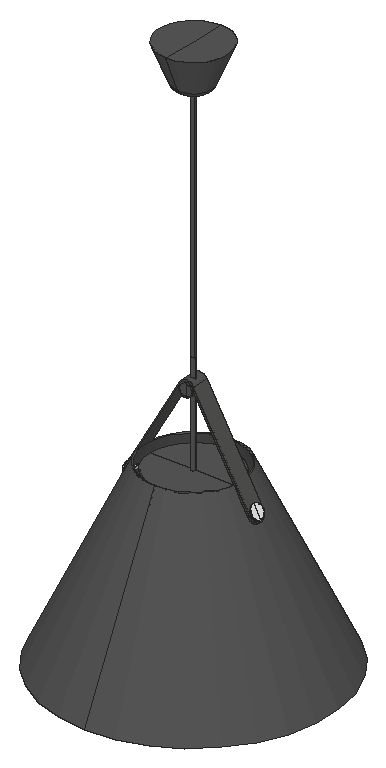
Revit family "Lighting_Pendants_Nordlux_Strap_48", category Lighting Fixtures, host Ceiling, Revit 2017
Family settings
  Host = Ceiling
  Round Connector Dimension = Use Diameter
  Part Type = Normal
  OmniClass Number = 23.80.70.11
  OmniClass Title = Luminaries for Internal Lighting
  Always vertical = Yes
  Cut with Voids When Loaded = No
  Light Source = Yes
  Shared = No
  Room Calculation Point = No
Parameters (values of type "Strap 48 - black with black straps")
  Wattage = 6.7321 W
  WarrantyStartDate [instance] = "n/a"
  WarrantyGuarantorParts = "n/a"
  WarrantyGuarantorLabor = "n/a"
  WarrantyDurationUnit = "Hours"
  WarrantyDurationParts = "n/a"
  WarrantyDurationLabor = "n/a"
  WarrantyDescription = "n/a"
  built-in parameter 1150110 = 1 (stored number, unit not read)
  VersionDate = "09/08/2019"  # constant formula
  Version = "1"  # constant formula
  UsageCurrent = 0 A
  Uniclass2015Reference = "Pr_70_70_48_62"
  Uniclass2015Description = "Pendant  luminaires"
  Uniclass2 = "Pr_70_70_49_86"
  URL = "https://www.nordlux.com/products/product/84353003"
  TotalWattage = 40 W
  built-in parameter 1114217 = 1 (stored number, unit not read)
  Tilt Angle = 90.00°
  built-in parameter 1150109 = 1 (stored number, unit not read)
  built-in parameter 1150134 = (empty or 0)
  TagNumber [instance] = "n/a"
  SustainabilityPerformance = "n/a"
  built-in parameter 1150113 = 1 (stored number, unit not read)
  Socket = "E27"
  Size = "Shade: 480x480x480 mm / Canopy: 120x120x73 mm"
  Shape = "Sculptured"
  SerialNumber [instance] = "n/a"
  Revision = "n/a"
  ReplacementCost = "n/a"
  ProductInformation = "n/a"
  Product data url = "https://www.bimobject.com/nordlux/product/strap_48_pendant"
  Photometric Web File = "8435 Strap 48 Pendel.ies"
  PhaseReference = "n/a"
  PhaseAngle = 0.00°
  NumberOfSources = 0
  NumberOfPoles = 1
  NominalWidth = NominalDiameter  # 480 mm
  NominalVoltageCalc = 0 V
  NominalVoltage = 230 V
  NominalRadius = NominalDiameter / 2  # 240 mm
  NominalLength = NominalDiameter  # 480 mm
  NominalHeight [instance] = CableLengthControl + 487 mm  # 987 mm
  NominalFrequencyRange = 50 Hz
  NominalDiameter = 480 mm
  NominalCurrent = 0 A
  Name = "Strap_48"  # constant formula
  NBSReference = "90-60-50/405"
  NBSDescription = "General purpose luminaires"
  ModelReference = ArticleNumber  # "84353003"
  ModelNumber = "n/a"
  Model = "Strap 48 - black with black straps"
  Material = "Metal, leather & textile"
  ManufacturersSpecificInformation = "n/a"
  ManufacturerURL = "https://www.nordlux.com/"
  ManufacturerName = "Nordlux"
  Manufacturer = "Nordlux"
  MaintenanceFactor = 0
  Lumens = 1000 lm
  built-in parameter 1150115 = 1 (stored number, unit not read)
  built-in parameter 1150105 = 360.88 (stored number, unit not read)
  LightSource = "Not included"
  LightFixtureTertiaryMaterial = Black leather
  LightFixtureSecondaryMaterial = Black cable
  LightFixtureQuaternaryMaterial = Chrome
  LightFixturePlacingType = "Ceilling"
  LightFixtureMountingType = "Suspended"
  LightFixtureMainMaterial = Black
  built-in parameter 1150137 = (empty or 0)
  built-in parameter 1150139 = (empty or 0)
  LensMaterial = Glass
  built-in parameter 1150112 = 1 (stored number, unit not read)
  built-in parameter 1150114 = 1 (stored number, unit not read)
  InsulationStandardClass = "Class 2 (Double isolated)"
  InstallationDate [instance] = "n/a"
  built-in parameter 1150132 = 2
  built-in parameter 1150102 = (empty or 0)
  built-in parameter 1150138 = (empty or 0)
  built-in parameter 1150107 = 3000 (stored number, unit not read)
  built-in parameter 1150106 = 3.6088 (stored number, unit not read)
  IfcExportType = "NOTDEFINED"  # constant formula
  IfcExportAs = "IfcLightFixtureType"  # constant formula
  IP_Code = "IP20"
  HasProtectiveEarth = no
  Grade = "n/a"
  Finish = "Primary material metal, secondary material leather, textile cable."
  Features = "Textile cable 300cm. Cable can not be replaced."
  ExpectedLife = "n/a"
  EnergyClass = "A++ -D"
  Emit from Circle Diameter = 60 mm
  Emit Shape Visible in Rendering = no
  ElectricalDeviceNominalPower = 0
  built-in parameter 1150104 = 13.8 (stored number, unit not read)
  EANNumber = "5701581338685"
  DurationUnit = "Hours"
  Dimming Lamp Color Temperature Shift = <None>
  Designer = "BJORN + BALLE"
  Description = "Metal and leather go well with the light Nordic style. The combination of these materials also allows the light to visually interact with a modern interior, where combining materials is one of the biggest current trends. With STRAP it seems obvious – just as obvious as how a Nordic light design is named after a leather strap. The narrow and elegant leather gives STRAP both a warm and raw look, which balances between the classic and the industrial. It comes with two leather straps in brown and black respectively, so it's up to you to give the STRAP the final look."
  DefaultElevation = 0 mm
  ConvergoRefNr = "0143-1909-0015-DK"  # constant formula
  Constituents = "n/a"
  Color Filter = 16777215
  Color = "Black"
  Collection = "Strap"
  CodePerformance = "n/a"
  Category = "Indoor lighting"
  CableLengthControl [instance] = if(CableLength < 250 mm, 250 mm, if(CableLength > 3000 mm, 3000 mm, CableLength))  # 500 mm
  CableLength [instance] = 500 mm
  Brand = "Nordlux"
  Barcode [instance] = "n/a"
  built-in parameter 1114218 = 1 (stored number, unit not read)
  BIMObjectName = "Lighting_Pendants_Nordlux_Strap_48"  # constant formula
  Author = "Convergo AB"  # constant formula
  built-in parameter 1150133 = 10 (stored number, unit not read)
  AssetType = "Fixed"
  AssetIdentifier [instance] = "n/a"
  ArticleNumber = "84353003"
  AccessibilityPerformance = "n/a"
Types (8, lengths in mm): name | URL | ModelReference | Model | LightFixtureTertiaryMaterial | LightFixtureSecondaryMaterial | LightFixtureMainMaterial | EANNumber | Color | ArticleNumber
  Strap 48 - black with black straps | "https://www.nordlux.com/products/product/84353003" | "84353003" | "Strap 48 - black with black straps" | Black leather | Black cable | Black | "5701581338685" | "Black" | "84353003"
  Strap 48 - white with black straps | "https://www.nordlux.com/products/product/84353001" | "84353001" | "Strap 48 - white with black straps" | Black leather | White cable | White | "5701581338586" | "White" | "84353001"
  Strap 48 - brushed steel with black straps | "https://www.nordlux.com/products/product/84353032" | "84353032" | "Strap 48 - brushed steel with black straps" | Black leather | Black cable | Brushed steel | "5701581338883" | "Brushed steel" | "84353032"
  Strap 48 - brass with black straps | "https://www.nordlux.com/products/product/84353025" | "84353025" | "Strap 48 - brass with black straps" | Black leather | Black cable | Brass | "5701581358683" | "Brass" | "84353025"
  Strap 48 - black with brown straps | "https://www.nordlux.com/products/product/84353003" | "84353003" | "Strap 48 - black with brown straps" | Brown leather | Black cable | Black | "5701581338685" | "Black" | "84353003"
  Strap 48 - brass with brown straps | "https://www.nordlux.com/products/product/84353025" | "84353025" | "Strap 48 - brass with brown straps" | Brown leather | Black cable | Brass | "5701581358683" | "Brass" | "84353025"
  Strap 48 - brushed steel with brown straps | "https://www.nordlux.com/products/product/84353032" | "84353032" | "Strap 48 - brushed steel with brown straps" | Brown leather | Black cable | Brushed steel | "5701581338883" | "Brushed steel" | "84353032"
  Strap 48 - white with brown straps | "https://www.nordlux.com/products/product/84353001" | "84353001" | "Strap 48 - white with brown straps" | Brown leather | White cable | White | "5701581338586" | "White" | "84353001"
Reference planes
  plane 1 "Light Source Axis (F/B)": y = 0
  plane 2: z = 0
  plane 3 "Light Source Axis (L/R)": x = 0
  plane 4 "Ceiling": z = 4000
  plane 5 "Light Source Elevation": z = 3227.483
  plane 6: x = -240
  plane 7: y = 240
  plane 8: x = 240
  plane 9: y = -240
  plane 10: z = 3500
  plane 11: z = 3013
Forms (mm)
  Extrusion 1, solid, material "Black" <- "LightFixtureMainMaterial", detail levels coarse
    sketch origin (0, 6000, 3013) x (0, 1, 0) y (1, 0, 0)
      loop
        line (-5760, -240) -> (-5760, 240) -> (-6240, 240) -> (-6240, -240) -> (-5760, -240)
    from 0 to -987
Lines and regions (mm)
  symbolic lines
    curve 1: line (3, 0, 4000) -> (-3, 0, 4000)
  symbolic lines, detail levels medium+fine
    curve 2: line (3, 0, 3927) -> (3, 0, 3500)
    curve 3: line (-3, 0, 3927) -> (-3, 0, 3500)
    curve 4: line (0, 3, 3927) -> (0, 3, 3500)
    curve 5: line (0, -3, 3927) -> (0, -3, 3500)
Dimensions and locks
  equal spacing: host sketch curve, plane 3 "Light Source Axis (L/R)", host sketch curve
  equal spacing: host sketch curve, plane 1 "Light Source Axis (F/B)", host sketch curve
  host sketch curve to host sketch curve = 4000 mm  (x2)
  locked: plane 4 "Ceiling" to host ceiling at 0
  equal spacing: plane 9, plane 1 "Light Source Axis (F/B)", plane 7
  "NominalDiameter": plane 7 to plane 9
  equal spacing: plane 6, plane 3 "Light Source Axis (L/R)", plane 8
  "NominalDiameter": plane 6 to plane 8
  "CableLengthControl": plane 10 to plane 4 "Ceiling"
  locked: plane 11 to plane 5 "Light Source Elevation" at 214.483
  "NominalHeight": plane 11 to plane 4 "Ceiling"
  aligned and locked: plane 3 "Light Source Axis (L/R)" to imposter light
  aligned and locked: plane 1 "Light Source Axis (F/B)" to imposter light
  aligned and locked: plane 5 "Light Source Elevation" to imposter light
  aligned and locked: plane 4 "Ceiling" to curve 1  (x2)
  aligned and locked: Extrusion 1 sketch curve to plane 7
  aligned and locked: Extrusion 1 sketch curve to plane 6
  aligned and locked: Extrusion 1 sketch curve to plane 9
  aligned and locked: Extrusion 1 sketch curve to plane 8
  aligned and locked: Extrusion 1 to plane 4 "Ceiling"
  aligned and locked: curve 2 to nested 2
  aligned and locked: curve 3 to nested 2
  aligned and locked: plane 10 to curve 2
  aligned and locked: plane 10 to curve 3
  aligned and locked: curve 4 to nested 2
  aligned and locked: curve 5 to nested 2
  aligned and locked: plane 10 to curve 5
  aligned and locked: plane 10 to curve 4
  aligned and locked: nested 2 to plane 4 "Ceiling"
  aligned and locked: plane 3 "Light Source Axis (L/R)" to nested 1
  aligned and locked: nested 1 to plane 11
Automatic sketch dimensions
  curve 1 to plane 3 "Light Source Axis (L/R)" = 3 mm
  curve 3 to plane 3 "Light Source Axis (L/R)" = 3 mm
  plane 3 "Light Source Axis (L/R)" to curve 2 = 3 mm
  plane 3 "Light Source Axis (L/R)" to curve 1 = 3 mm
  plane 1 "Light Source Axis (F/B)" to curve 5 = 3 mm
  curve 4 to plane 1 "Light Source Axis (F/B)" = 3 mm
Nested families
  nested 1: "Strap_48" at (0, 0, 3013.001), Metal <- "LightFixtureMainMaterial", Glass <- "LensMaterial", Nuts <- "LightFixtureQuaternaryMaterial", Strap <- "LightFixtureTertiaryMaterial", type "Strap_48"
    with Strap Black leather, Nuts Chrome, Metal Black, Glass Glass
  nested 2: "CeillingCap" at (0, 0, 4000) x (1, 0, 0) z (0, 0, -1), Cable <- "LightFixtureSecondaryMaterial", Metal <- "LightFixtureMainMaterial", CableLength <- "CableLengthControl", type "CeillingCap"
    with Metal Black, CableLength 500 mm, Cable Black cable
Connectors
  electrical at (0, 0, 4000), driven by "NumberOfPoles", driven by "NominalVoltage"
    settings: on nested 2, index 1, voltage 230 V, apparent load 0 VA, apparent load phase1 0 VA, apparent load phase2 0 VA, apparent load phase3 0 VA, power factor 1, load classification "Other", number of poles 1, system type 31, power factor state 1, is connector primary yes, connector utility no, sub classification motor no, connector description ""
Definition of nested family "Strap_48"
  Parameters (values of type "Strap_48")
    Strap [instance] = none
    Nuts [instance] = none
    Metal [instance] = none
    Glass [instance] = none
  Reference planes
    plane 1 "Center (Front/Back)": y = 0
    plane 2: z = 0
    plane 3 "Center (Left/Right)": x = 0
    plane 4: z = 364.451
    plane 5: z = 487.033
    plane 6: z = 214.482
  Forms (mm)
    Revolve 1, solid, material <- "Metal", detail levels medium+fine
      sketch origin (0, 0, 0) x (0, 1, 0) y (0, 0, 1)
        loop
          arc (239.729, 0.761) -> (167.407, 162.65) -> (85.704, 320.014) r 3018.174
          line (85.704, 320.014) -> (83.957, 319.04)
          arc (83.957, 319.04) -> (165.606, 161.781) -> (237.879, -0.001) r 3016.174
          line (237.879, -0.001) -> (239.729, 0.761)
        axis (0, 320.014) -> (0, -0.001)
      angle from 0 to 360
    Revolve 2, solid, material <- "Glass", detail levels medium+fine
      sketch origin (0, 0, 183.69) x (0, 1, 0) y (0, 0, 1)
        loop
          line (0, 30.793) -> (25, 30.793) -> (25, 32.793) -> (22.5, 32.793) -> (22.5, 39.96)
          arc (22.5, 39.96) -> (19.463, 53.223) -> (10.957, 63.843) r 30.481
          line (10.957, 63.843) -> (10.957, 72.746) -> (0, 72.746) -> (0, 30.793)
        axis (0, 72.746) -> (0, 30.793)
      angle from 0 to 360
    Revolve 3, solid, material <- "Metal", detail levels medium+fine
      sketch origin (0, 0, 0) x (1, 0, 0) y (0, 0, 1)
        loop
          line (-20.402, 280.37) -> (-19.086, 237.517) -> (-10.957, 237.517) -> (-10.957, 244.868) -> (0, 244.868) -> (0, 487.033) -> (-4, 487.033) -> (-4, 309.033) -> (-75.083, 309.033) -> (-75.083, 306.069) -> (-12.069, 306.069) -> (-12.069, 296.069) -> (-10.953, 296.069) -> (-10.953, 292.699) -> (-19.083, 290.264) -> (-19.083, 287.796) -> (-16.998, 287.796) -> (-16.998, 280.37) -> (-20.402, 280.37)
        axis (0, 237.517) -> (0, 487.033)
      angle from 0 to 360
    Extrusion 4, solid, material <- "Strap", detail levels medium+fine
      sketch origin (0, 0, 0) x (1, 0, 0) y (0, 0, 1)
        loop
          arc (-10.183, 448.056) -> (0, 453.707) -> (10.183, 448.056) r 12
          arc (10.183, 448.056) -> (64.683, 357.129) -> (115.956, 264.343) r 3018.174
          line (115.956, 264.343) -> (118.607, 265.748)
          arc (118.607, 265.748) -> (67.283, 358.626) -> (12.729, 449.644) r 3021.174
          arc (12.729, 449.644) -> (0, 456.707) -> (-12.729, 449.644) r 15
          arc (-12.729, 449.644) -> (-67.283, 358.626) -> (-118.607, 265.748) r 3021.174
          line (-118.607, 265.748) -> (-115.956, 264.343)
          arc (-115.956, 264.343) -> (-64.683, 357.129) -> (-10.183, 448.056) r 3018.174
      from -15 to 15
    Sweep 5, void
      path in 3D
        loop
          line (-119.491, -15, 266.216) -> (-115.073, -15, 263.875)
      profile origin (-117.282, -15, 265.046) x (0.468219, 0, 0.883612) y (0, -1, 0)
        loop
          line (-1, 0) -> (-1, -30) -> (15, -30)
          arc (15, -30) -> (0, -15) -> (15, 0) r 15
          line (15, 0) -> (-1, 0)
    Revolve 6, solid, material <- "Nuts", detail levels medium+fine
      sketch origin (0, 0, 0) x (1, 0, 0) y (0, 0, 1)
        loop
          line (-113.347, 280.954) -> (-102.456, 275.005) -> (-98.849, 281.609)
          arc (-98.849, 281.609) -> (-98.808, 281.99) -> (-99.048, 282.288) r 0.5
          line (-99.048, 282.288) -> (-101.145, 283.433) -> (-100.199, 285.166) -> (-101.016, 285.613)
          arc (-101.016, 285.613) -> (-103.484, 282.431) -> (-105.532, 278.964) r 31.869
          line (-105.532, 278.964) -> (-110.121, 281.47) -> (-104.86, 291.103) -> (-106.689, 292.101)
          arc (-106.689, 292.101) -> (-107.069, 292.142) -> (-107.367, 291.902) r 0.5
          line (-107.367, 291.902) -> (-113.347, 280.954)
        axis (-113.347, 280.954) -> (-102.456, 275.005)
      angle from 0 to 360
    Revolve 7, solid, material <- "Metal", detail levels medium+fine
      sketch origin (0, 0, 0) x (0, 1, 0) y (0, 0, 1)
        loop
          line (17, 442.033) -> (17, 453.207)
          arc (17, 453.207) -> (16.854, 453.561) -> (16.5, 453.707) r 0.5
          line (16.5, 453.707) -> (-16.5, 453.707)
          arc (-16.5, 453.707) -> (-16.854, 453.561) -> (-17, 453.207) r 0.5
          line (-17, 453.207) -> (-17, 442.033) -> (17, 442.033)
        axis (-17, 442.033) -> (17, 442.033)
      angle from 0 to 360
    Sweep 8, void
      path in 3D
        loop
          line (119.491, 15, 266.216) -> (115.073, 15, 263.875)
      profile origin (117.282, 15, 265.046) x (-0.468219, 0, 0.883612) y (0, 1, 0)
        loop
          line (-1, 0) -> (-1, -30) -> (15, -30)
          arc (15, -30) -> (0, -15) -> (15, 0) r 15
          line (15, 0) -> (-1, 0)
    Revolve 9, solid, material <- "Nuts", detail levels medium+fine
      sketch origin (0, 0, 0) x (-1, 0, 0) y (0, 0, 1)
        loop
          line (-113.347, 280.954) -> (-102.456, 275.005) -> (-98.849, 281.609)
          arc (-98.849, 281.609) -> (-98.808, 281.99) -> (-99.048, 282.288) r 0.5
          line (-99.048, 282.288) -> (-101.145, 283.433) -> (-100.199, 285.166) -> (-101.016, 285.613)
          arc (-101.016, 285.613) -> (-103.484, 282.431) -> (-105.532, 278.964) r 31.869
          line (-105.532, 278.964) -> (-110.121, 281.47) -> (-104.86, 291.103) -> (-106.689, 292.101)
          arc (-106.689, 292.101) -> (-107.069, 292.142) -> (-107.367, 291.902) r 0.5
          line (-107.367, 291.902) -> (-113.347, 280.954)
        axis (-113.347, 280.954) -> (-102.456, 275.005)
      angle from 0 to 360
  Cuts and joins
    Sweep 5, Sweep 8 cuts Extrusion 4
    joined: Revolve 1, Revolve 3, Revolve 7
    joined: Revolve 6, Revolve 9
  Lines and regions (mm)
    symbolic lines, detail levels medium+fine
      curve 1: line (0, 15, 320.014) -> (0, 85.704, 320.014)
      curve 3: line (0, 15, 430.371) -> (0, 16.5, 430.371)
      curve 4: line (0, 15, 453.741) -> (0, 16.5, 453.741)
      curve 5: line (0, 17, 453.241) -> (0, 17, 430.871)
      curve 6: arc (0, 16.5, 453.741) -> (0, 16.854, 453.594) -> (0, 17, 453.241) r 0.5
      curve 7: arc (0, 17, 430.871) -> (0, 16.854, 430.517) -> (0, 16.5, 430.371) r 0.5
      curve 8: line (0, 15, 453.741) -> (0, 15, 456.741)
      curve 10: line (0, 15, 456.741) -> (0, 4, 456.741)
      curve 11: line (0, 4, 487.033) -> (0, 4, 456.741)
      curve 12: line (0, 4, 487.033) -> (0, 3, 487.033)
      curve 15: line (0, 15, 320.014) -> (0, 15, 430.371)
      curve 18: line (-237.879, 0, -0.001) -> (0, 0, -0.001)
      curve 20: line (-239.729, 0, 0.761) -> (-237.879, 0, -0.001)
      curve 22: line (-117.252, 0, 268.302) -> (-119.135, 0, 269.33)
      curve 23: line (-106.692, 0, 292.113) -> (-104.977, 0, 291.176)
      curve 24: line (-107.37, 0, 291.914) -> (-119.334, 0, 270.009)
      curve 25: arc (-119.334, 0, 270.009) -> (-119.375, 0, 269.628) -> (-119.135, 0, 269.33) r 0.5
      curve 26: arc (-107.37, 0, 291.914) -> (-107.072, 0, 292.154) -> (-106.692, 0, 292.113) r 0.5
      curve 27: arc (-12.729, 0, 449.644) -> (-60.055, 0, 371.11) -> (-104.977, 0, 291.176) r 3021.174
      curve 29: line (-118.607, 0, 265.748) -> (-115.956, 0, 264.343)
      curve 30: arc (-115.956, 0, 264.343) -> (-181.023, 0, 134.046) -> (-239.729, 0, 0.761) r 3018.174
      curve 36: line (-4, 0, 487.033) -> (-3, 0, 487.033)
      curve 38: line (-4, 0, 487.033) -> (-4, 0, 456.164)
      curve 40: arc (-117.252, 0, 268.302) -> (-117.93, 0, 267.025) -> (-118.607, 0, 265.748) r 3021.174
      curve 41: arc (-4, 0, 456.164) -> (-8.977, 0, 453.724) -> (-12.729, 0, 449.644) r 15
      curve 42: line (237.879, 0, -0.001) -> (0, 0, -0.001)
      curve 44: line (239.729, 0, 0.761) -> (237.879, 0, -0.001)
      curve 46: line (117.252, 0, 268.302) -> (119.135, 0, 269.33)
      curve 47: line (106.692, 0, 292.113) -> (104.977, 0, 291.176)
      curve 48: line (107.37, 0, 291.914) -> (119.334, 0, 270.009)
      curve 49: arc (119.334, 0, 270.009) -> (119.375, 0, 269.628) -> (119.135, 0, 269.33) r 0.5
      curve 50: arc (107.37, 0, 291.914) -> (107.072, 0, 292.154) -> (106.692, 0, 292.113) r 0.5
      curve 51: arc (12.729, 0, 449.644) -> (60.055, 0, 371.11) -> (104.977, 0, 291.176) r 3021.174
      curve 53: line (118.607, 0, 265.748) -> (115.956, 0, 264.343)
      curve 54: arc (115.956, 0, 264.343) -> (181.023, 0, 134.046) -> (239.729, 0, 0.761) r 3018.174
      curve 59: line (4, 0, 487.033) -> (3, 0, 487.033)
      curve 61: line (4, 0, 487.033) -> (4, 0, 456.164)
      curve 63: arc (117.252, 0, 268.302) -> (117.93, 0, 267.025) -> (118.607, 0, 265.748) r 3021.174
      curve 64: arc (4, 0, 456.164) -> (8.977, 0, 453.724) -> (12.729, 0, 449.644) r 15
      curve 70: arc (0, 239.729, 0.761) -> (0, 167.407, 162.65) -> (0, 85.704, 320.014) r 3018.174
      curve 71: line (0, 237.879, -0.001) -> (0, 239.729, 0.761)
      curve 72: line (0, 0, -0.001) -> (0, 237.879, -0.001)
      curve 73: line (0, -15, 320.014) -> (0, -85.704, 320.014)
      curve 75: line (0, -15, 430.371) -> (0, -16.5, 430.371)
      curve 76: line (0, -15, 453.741) -> (0, -16.5, 453.741)
      curve 77: line (0, -17, 453.241) -> (0, -17, 430.871)
      curve 78: arc (0, -16.5, 453.741) -> (0, -16.854, 453.594) -> (0, -17, 453.241) r 0.5
      curve 79: arc (0, -17, 430.871) -> (0, -16.854, 430.517) -> (0, -16.5, 430.371) r 0.5
      curve 80: line (0, -15, 453.741) -> (0, -15, 456.741)
      curve 82: line (0, -15, 456.741) -> (0, -4, 456.741)
      curve 83: line (0, -4, 487.033) -> (0, -4, 456.741)
      curve 84: line (0, -4, 487.033) -> (0, -3, 487.033)
      curve 87: line (0, -15, 320.014) -> (0, -15, 430.371)
      curve 93: arc (0, -239.729, 0.761) -> (0, -167.407, 162.65) -> (0, -85.704, 320.014) r 3018.174
      curve 94: line (0, -237.879, -0.001) -> (0, -239.729, 0.761)
      curve 95: line (0, 0, -0.001) -> (0, -237.879, -0.001)
      curve 96: circle (0, 0, 0) r 239.729 normal (0, 0, 1)
    symbolic lines, detail levels fine
      curve 2: line (0, 15, 277.58) -> (0, 15, 320.014)
      curve 9: line (0, 15, 430.371) -> (0, 15, 453.741)
      curve 13: line (0, 3, 487.033) -> (0, 0, 487.033)
      curve 14: arc (0, 4, 456.741) -> (0, 2.071, 455.941) -> (0, 0, 455.669) r 8
      curve 19: arc (-85.704, 0, 320.014) -> (-100.976, 0, 292.258) -> (-115.956, 0, 264.343) r 3018.174
      curve 21: spline (-117.26, 0, 268.306) -> (-117.471, 0, 267.91) -> (-117.665, 0, 267.544) -> (-117.842, 0, 267.21) -> (-118.002, 0, 266.909) -> (-118.144, 0, 266.64) -> (-118.267, 0, 266.406) -> (-118.372, 0, 266.207) -> (-118.457, 0, 266.043) -> (-118.524, 0, 265.915) -> (-118.571, 0, 265.823) -> (-118.599, 0, 265.767) -> (-118.607, 0, 265.748)
      curve 28: arc (-104.977, 0, 291.176) -> (-111.139, 0, 279.752) -> (-117.252, 0, 268.302) r 3021.174
      curve 31: arc (-85.704, 0, 320.014) -> (-48.661, 0, 384.62) -> (-10.036, 0, 448.292) r 3018.174
      curve 32: line (0, 0, 320.014) -> (-85.704, 0, 320.014)
      curve 33: line (-4, 0, 320.014) -> (-4, 0, 431.066)
      curve 34: circle (0, 0, 442.033) r 11.674 normal (0, -1, 0)
      curve 35: arc (0, 0, 456.707) -> (-2.018, 0, 456.571) -> (-4, 0, 456.164) r 15
      curve 37: line (-3, 0, 487.033) -> (0, 0, 487.033)
      curve 39: arc (-10.183, 0, 448.056) -> (-5.823, 0, 452.2) -> (0, 0, 453.707) r 12
      curve 43: arc (85.704, 0, 320.014) -> (100.976, 0, 292.258) -> (115.956, 0, 264.343) r 3018.174
      curve 45: spline (117.26, 0, 268.306) -> (117.471, 0, 267.91) -> (117.665, 0, 267.544) -> (117.842, 0, 267.21) -> (118.002, 0, 266.909) -> (118.144, 0, 266.64) -> (118.267, 0, 266.406) -> (118.372, 0, 266.207) -> (118.457, 0, 266.043) -> (118.524, 0, 265.915) -> (118.571, 0, 265.823) -> (118.599, 0, 265.767) -> (118.607, 0, 265.748)
      curve 52: arc (104.977, 0, 291.176) -> (111.139, 0, 279.752) -> (117.252, 0, 268.302) r 3021.174
      curve 55: arc (85.704, 0, 320.014) -> (48.661, 0, 384.62) -> (10.036, 0, 448.292) r 3018.174
      curve 56: line (0, 0, 320.014) -> (85.704, 0, 320.014)
      curve 57: line (4, 0, 320.014) -> (4, 0, 431.066)
      curve 58: arc (0, 0, 456.707) -> (2.018, 0, 456.571) -> (4, 0, 456.164) r 15
      curve 60: line (3, 0, 487.033) -> (0, 0, 487.033)
      curve 62: arc (10.183, 0, 448.056) -> (5.823, 0, 452.2) -> (0, 0, 453.707) r 12
      curve 65: spline (0, 0, 264.343) -> (0, 1.958, 264.456) -> (0, 3.882, 264.794) -> (0, 5.74, 265.351) -> (0, 7.5, 266.117) -> (0, 9.131, 267.078) -> (0, 10.607, 268.22) -> (0, 11.9, 269.522) -> (0, 12.99, 270.962) -> (0, 13.858, 272.514) -> (0, 14.489, 274.154) -> (0, 14.872, 275.852) -> (0, 15, 277.58)
      curve 66: spline (0, 15, 278.993) -> (0, 14.873, 277.267) -> (0, 14.491, 275.57) -> (0, 13.861, 273.931) -> (0, 12.994, 272.378) -> (0, 11.904, 270.938) -> (0, 10.61, 269.635) -> (0, 9.135, 268.492) -> (0, 7.503, 267.529) -> (0, 5.743, 266.762) -> (0, 3.884, 266.203) -> (0, 1.959, 265.863) -> (0, 0, 265.748)
      curve 67: spline (0, 0, 268.328) -> (0, 1.694, 268.425) -> (0, 3.358, 268.716) -> (0, 4.965, 269.195) -> (0, 6.488, 269.853) -> (0, 7.899, 270.681) -> (0, 9.175, 271.663) -> (0, 10.294, 272.783) -> (0, 11.237, 274.021) -> (0, 11.988, 275.357) -> (0, 12.533, 276.768) -> (0, 12.864, 278.229) -> (0, 12.975, 279.715)
      curve 68: line (0, 12.975, 279.715) -> (0, 12.975, 280.715)
      curve 69: spline (0, 0, 292.103) -> (0, 1.694, 292.005) -> (0, 3.358, 291.715) -> (0, 4.965, 291.236) -> (0, 6.488, 290.577) -> (0, 7.899, 289.749) -> (0, 9.175, 288.767) -> (0, 10.294, 287.647) -> (0, 11.237, 286.409) -> (0, 11.988, 285.073) -> (0, 12.533, 283.662) -> (0, 12.864, 282.202) -> (0, 12.975, 280.715)
      curve 74: line (0, -15, 277.58) -> (0, -15, 320.014)
      curve 81: line (0, -15, 430.371) -> (0, -15, 453.741)
      curve 85: line (0, -3, 487.033) -> (0, 0, 487.033)
      curve 86: arc (0, -4, 456.741) -> (0, -2.071, 455.941) -> (0, 0, 455.669) r 8
      curve 88: spline (0, 0, 264.343) -> (0, -1.958, 264.456) -> (0, -3.882, 264.794) -> (0, -5.74, 265.351) -> (0, -7.5, 266.117) -> (0, -9.131, 267.078) -> (0, -10.607, 268.22) -> (0, -11.9, 269.522) -> (0, -12.99, 270.962) -> (0, -13.858, 272.514) -> (0, -14.489, 274.154) -> (0, -14.872, 275.852) -> (0, -15, 277.58)
      curve 89: spline (0, -15, 278.993) -> (0, -14.873, 277.267) -> (0, -14.491, 275.57) -> (0, -13.861, 273.931) -> (0, -12.994, 272.378) -> (0, -11.904, 270.938) -> (0, -10.61, 269.635) -> (0, -9.135, 268.492) -> (0, -7.503, 267.529) -> (0, -5.743, 266.762) -> (0, -3.884, 266.203) -> (0, -1.959, 265.863) -> (0, 0, 265.748)
      curve 90: spline (0, 0, 268.328) -> (0, -1.694, 268.425) -> (0, -3.358, 268.716) -> (0, -4.965, 269.195) -> (0, -6.488, 269.853) -> (0, -7.899, 270.681) -> (0, -9.175, 271.663) -> (0, -10.294, 272.783) -> (0, -11.237, 274.021) -> (0, -11.988, 275.357) -> (0, -12.533, 276.768) -> (0, -12.864, 278.229) -> (0, -12.975, 279.715)
      curve 91: line (0, -12.975, 279.715) -> (0, -12.975, 280.715)
      curve 92: spline (0, 0, 292.103) -> (0, -1.694, 292.005) -> (0, -3.358, 291.715) -> (0, -4.965, 291.236) -> (0, -6.488, 290.577) -> (0, -7.899, 289.749) -> (0, -9.175, 288.767) -> (0, -10.294, 287.647) -> (0, -11.237, 286.409) -> (0, -11.988, 285.073) -> (0, -12.533, 283.662) -> (0, -12.864, 282.202) -> (0, -12.975, 280.715)
      curve 97: circle (0, 0, 0) r 237.879 normal (0, 0, 1)
      curve 98: circle (0, 0, 0) r 83.957 normal (0, 0, 1)
      curve 99: circle (0, 0, 0) r 75.083 normal (0, 0, 1)
      curve 100: line (-82.606, 15, 0) -> (-73.57, 15, 0)
      curve 101: line (-82.606, -15, 0) -> (-73.57, -15, 0)
      curve 102: line (82.606, 15, 0) -> (73.57, 15, 0)
      curve 103: line (82.606, -15, 0) -> (73.57, -15, 0)
    sketch lines
      curve 16: line (119.491, 15, 266.216) -> (115.073, 15, 263.875)
      curve 17: line (-119.491, -15, 266.216) -> (-115.073, -15, 263.875)
  Dimensions and locks
    aligned and locked: level to plane 2
Definition of nested family "CeillingCap"
  Parameters (values of type "CeillingCap")
    Metal [instance] = none
    Default Elevation = 1219.2 mm
    CableLength [instance] = 250 mm
    Cable [instance] = none
  Reference planes
    plane 1 "Center (Front/Back)": y = 0
    plane 2: z = 0
    plane 3 "Center (Left/Right)": x = 0
  Forms (mm)
    Revolve 1, solid, material <- "Metal", detail levels medium+fine
      sketch origin (0, 0, 0) x (0, 1, 0) y (0, 0, 1)
        loop
          line (0, 0) -> (60, 0) -> (33.516, 63.754)
          arc (33.516, 63.754) -> (20.044, 72.995) -> (6.121, 64.449) r 15
          line (6.121, 64.449) -> (0, 64.449) -> (0, 0)
        axis (0, 64.449) -> (0, 0)
      angle from 0 to 360
    Extrusion 2, solid, material <- "Cable", detail levels medium+fine
      sketch origin (0, 0, 0) x (1, 0, 0) y (0, 1, 0)
        loop
          circle (0, 0) r 3
      from 10 to 250 <- "CableLength"
  Lines and regions (mm)
    symbolic lines, detail levels medium+fine
      curve 1: line (0, 0, 0) -> (-60, 0, 0)
      curve 2: line (-33.516, 0, 63.754) -> (-60, 0, 0)
      curve 3: arc (-19.664, 0, 73) -> (-27.991, 0, 70.476) -> (-33.516, 0, 63.754) r 15
      curve 4: line (-3, 0, 73) -> (-19.664, 0, 73)
      curve 6: line (0, 0, 0) -> (60, 0, 0)
      curve 7: line (33.516, 0, 63.754) -> (60, 0, 0)
      curve 8: arc (19.664, 0, 73) -> (27.991, 0, 70.476) -> (33.516, 0, 63.754) r 15
      curve 9: line (3, 0, 73) -> (19.664, 0, 73)
      curve 11: line (0, 60, 0) -> (0, 0, 0)
      curve 12: line (0, 60, 0) -> (0, 33.516, 63.754)
      curve 13: arc (0, 33.516, 63.754) -> (0, 27.991, 70.476) -> (0, 19.664, 73) r 15
      curve 14: line (0, 3, 73) -> (0, 19.664, 73)
      curve 16: line (0, -60, 0) -> (0, 0, 0)
      curve 17: line (0, -60, 0) -> (0, -33.516, 63.754)
      curve 18: arc (0, -33.516, 63.754) -> (0, -27.991, 70.476) -> (0, -19.664, 73) r 15
      curve 19: line (0, -3, 73) -> (0, -19.664, 73)
    symbolic lines, detail levels fine
      curve 5: line (0, 0, 73) -> (-3, 0, 73)
      curve 10: line (0, 0, 73) -> (3, 0, 73)
      curve 15: line (0, 0, 73) -> (0, 3, 73)
      curve 20: line (0, 0, 73) -> (0, -3, 73)
  Dimensions and locks
    aligned and locked: level to plane 2
